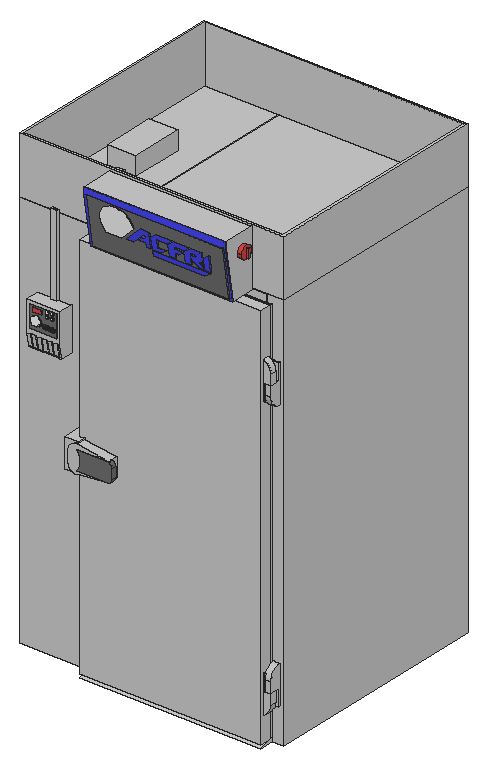
Revit family "QF_ACFRI_AR160-STD.190709093404", category Specialty Equipment, Revit 2016
Family settings
  Part Type = Normal
  Round Connector Dimension = Use Diameter
  OmniClass Number = 23.40.40.14
  OmniClass Title = Food Service Equipment
  Work Plane-Based = No
  Always vertical = Yes
  Cut with Voids When Loaded = No
  Shared = No
  Room Calculation Point = No
Parameters (values of type "AR160-STD_400V/3Ph/50Hz")
  URL catalogue = ""
  URL = "www.acfri.com"
  Type de Raccord Electrique [instance] = ""
  Type article [instance] = ""
  Tension = 400 V
  Status [instance] = ""
  Spécification technique = ""
  Spécification du Fabricant [instance] = ""
  Spécification de l'Utilisateur [instance] = ""
  SMACNA No spécifique pour les matériaux  Etats Unis = ""
  Quantité par lot [instance] = no
  Puissance électrique  = 10250 W
  Puissance en CV = ""
  Puissance Apparente = 10250 VA
  Protection de l'Appareil = 0 A
  Profondeur hors tout = 1145 mm
  Poids net à vide = 0.00 kg
  Phase = 3
  Numéro de Série = ""
  Nombres de Pôles = 3
  Nombre d'identification NAFEM = ""
  Model = "AR160-STD"
  Manufacturer = "ACFRI"
  Longueur hors tout = 1310 mm
  Intensité nominale courant electrique = 7 A
  Installé Par [instance] = ""
  Identifiant Equipement [instance] = no
  Hauteur hors tout = 2270 mm
  Hauteur de Raccordement du Sol Finis [instance] = 2032 mm
  Hauteur de Raccordement du Sol Brut [instance] = 0 mm
  Fréquence = 50 Hz
  Fournis Par [instance] = ""
  Description = "CELLULE STANDARD BASIC À CHARIOT REFROIDISSEMENT RAPIDE, GROUPE À AIR À DISTANCE"
  Câble de connexion à l'appareil inclus = no
  Cost = 0
  Consommation d'énergie minimale = 0 A
  Connexion prise électrique  = ""
  Code de Révision [instance] = ""
  Classification dans le projet = ""
  Classement sismique = ""
  Accessoires = no
Reference planes
  plane 1 "Centre (avant/arrière)": y = 0
  plane 2: z = 0
  plane 3 "Centre (gauche/droite)": x = 0
Forms (mm)
  Extrusion 1, solid, not visible
    sketch origin (177, -479, 2031) x (1, 0, 0) y (0, 1, 0)
      loop
        line (0, 0) -> (2, 0) -> (2, 2) -> (0, 2) -> (0, 0)
    from 0 to 2
Dimensions and locks
  aligned and locked: level to plane 2
Nested families
  nested 1: "QF_ACFRI_AR160-STD_400V_3Ph_50Hz" at (0, 0, 0), type "AR160-STD_400V/3Ph/50Hz"
    with Show Logo yes, Show Clearance yes
  nested 2: "QF_ACFRI_AR160-STD_DOOR_RX" at (0, 0, 0), type "AR160-STD_DOOR_RX"
    with Show Logo yes, Show Clearance yes
Connectors
  electrical at (178, -477, 2032), driven by "Puissance Apparente", driven by "Nombres de Pôles", driven by "Tension"
    settings: on Extrusion 1, index 1, voltage 400 V, apparent load 0 VA, apparent load phase1 10250 VA, apparent load phase2 0 VA, apparent load phase3 0 VA, power factor 1, load classification "Other", number of poles 3, system type 31, power factor state 1, is connector primary yes, connector utility no, sub classification motor no, connector description "Electric connection for 'AR160-STD'"
Definition of nested family "QF_ACFRI_AR160-STD_400V_3Ph_50Hz"
  Parameters (values of type "AR160-STD_400V/3Ph/50Hz")
    URL = "www.acfri.com"
    Show Logo [instance] = yes
    Show Clearance [instance] = yes
    Model = "AR160-STD"
    Manufacturer = "ACFRI"
    Description = "ROLL-IN, STANDARD BASIC BLAST CHILLING, BASIC REMOTE AIR COOLED CONDENSING UNIT"
    Assembly Code = "E1090320"
  Reference planes
    plane 1 "Back": y = 0
    plane 2: z = 0
    plane 3 "Left": x = 0
    plane 4 "Right": x = 1310
    plane 5 "Front": y = -1145
    plane 6 "Top": z = 2270
  Forms (mm)
    Extrusion 1, solid
      sketch origin (0, 0, -150) x (0, 1, 0) y (0, 0, 1)
        loop
          line (0, 2137.146) -> (-1145, 2137.146) -> (-1145, 150) -> (0, 150) -> (0, 2137.146)
      from 0 to 378.525
    Extrusion 2, solid
      sketch origin (435.596, -444.562, 360.649) x (0, 1, 0) y (0, 0, 1)
        loop
          line (-860.438, 1899.473) -> (-860.438, 1866.552) -> (-820.062, 1616.095) -> (-700.438, 1616.095) -> (-700.438, 1899.473) -> (-860.438, 1899.473)
      from 12.404 to 717.404
    Extrusion 3, solid
      sketch origin (0, -444.562, -150) x (1, 0, 0) y (0, 0, 1)
        loop
          line (353.044, 2098.234) -> (353.044, 167.649) -> (1253.452, 167.649) -> (1253.452, 2098.234) -> (353.044, 2098.234)
        loop
          line (378.525, 2072.928) -> (378.525, 187.955) -> (1227.971, 187.955) -> (1227.971, 2072.928) -> (378.525, 2072.928)
      from 700.438 to 711.223
    Extrusion 4, solid
      sketch origin (1248.08, 0, -150) x (0, 1, 0) y (0, 0, 1)
        loop
          line (0, 2137.146) -> (-1145, 2137.146) -> (-1145, 150) -> (0, 150) -> (0, 2137.146)
      from -20.109 to 61.92
    Extrusion 5, solid
      sketch origin (0, 0, -150) x (0, 1, 0) y (0, 0, 1)
        loop
          line (-1145, 2137.146) -> (-1145, 2072.928) -> (-68.458, 2072.928) -> (-68.458, 167) -> (-1145, 167) -> (-1145, 150) -> (0, 150) -> (0, 2137.146) -> (-1145, 2137.146)
      from 378.525 to 1227.971
    Extrusion 6, solid
      sketch origin (435.596, -444.562, 360.649) x (0, 1, 0) y (0, 0, 1)
        loop
          circle (-764.498, 1820.753) r 30.24
      from 717.404 to 742.404
    Extrusion 7, solid
      sketch origin (435.596, -444.562, 360.649) x (0, 1, 0) y (0, 0, 1)
        loop
          line (-759.416, 1843.51) -> (-767.3, 1843.902) -> (-769.581, 1797.996) -> (-761.696, 1797.604) -> (-759.416, 1843.51)
      from 742.404 to 757.404
    Extrusion 8, solid
      sketch origin (435.596, -444.562, 360.649) x (0, 1, 0) y (0, 0, 1)
        loop
          line (-860.438, 1866.552) -> (-862.464, 1866.552) -> (-823.174, 1622.834) -> (-821.149, 1622.834) -> (-860.438, 1866.552)
      from 26.504 to 703.304
    Extrusion 9, solid
      sketch origin (435.596, -444.562, 360.649) x (0, 1, 0) y (0, 0, 1)
        loop
          line (-859.438, 1899.473) -> (-861.438, 1899.473) -> (-861.438, 1866.392) -> (-821.088, 1616.095) -> (-819.062, 1616.095) -> (-859.438, 1866.552) -> (-859.438, 1899.473)
      from 12.404 to 717.404
    Extrusion 10, solid, visible <- "Show Logo"
      sketch origin (488.105, -1224.491, 1721.514) x (1, 0, 0) y (0, -0.159156, 0.987253)
        loop
          line (129.695, 367.647) -> (196.524, 434.476)
          arc (196.524, 434.476) -> (78.635, 500.079) -> (52.881, 367.647) r 83.333
          line (52.881, 367.647) -> (129.695, 367.647)
      from 0 to 2.5
    Extrusion 11, solid, visible <- "Show Logo"
      sketch origin (323.066, -1224.491, 1721.514) x (1, 0, 0) y (0, -0.159156, 0.987253)
        loop
          line (318.631, 367.647) -> (353.299, 367.647) -> (418.664, 433.012) -> (418.664, 406.346) -> (398.768, 406.346) -> (383.537, 391.115) -> (418.664, 391.115) -> (418.664, 367.647) -> (441.167, 367.647) -> (441.167, 447.647) -> (398.631, 447.647) -> (318.631, 367.647)
        loop
          line (448.944, 367.647) -> (493.774, 367.647) -> (521.549, 389.347) -> (479.182, 389.347) -> (479.182, 425.709) -> (524.998, 425.709) -> (553.077, 447.647) -> (475.047, 447.647) -> (448.944, 427.254) -> (448.944, 367.647)
        loop
          line (532.515, 367.647) -> (565.319, 367.647) -> (565.319, 394.314) -> (583.754, 394.314) -> (607.252, 414.031) -> (565.319, 414.031) -> (565.319, 425.49) -> (611.115, 425.49) -> (639.475, 447.647) -> (562.906, 447.647) -> (532.515, 422.146) -> (532.515, 367.647)
        loop
          line (611.712, 367.647) -> (644.318, 367.647) -> (644.318, 395.695) -> (682.923, 367.647) -> (702.113, 367.647) -> (702.113, 386.053) -> (689.341, 396.77) -> (702.113, 406.748) -> (702.113, 447.647) -> (647.314, 447.647) -> (611.712, 417.774) -> (611.712, 367.647)
        loop
          line (644.318, 425.49) -> (644.318, 414.031) -> (672.553, 414.031) -> (672.553, 425.49) -> (644.318, 425.49)
        loop
          line (708.789, 367.647) -> (739.436, 367.647) -> (739.436, 447.647) -> (708.789, 423.703) -> (708.789, 367.647)
        loop
          line (448.944, 360.305) -> (448.944, 337.873) -> (706.045, 337.873) -> (739.301, 360.305) -> (448.944, 360.305)
      from 0 to 2.5
    Extrusion 12, solid
      sketch origin (0, 0, 363.091) x (1, 0, 0) y (0, 1, 0)
        loop
          line (0, 0) -> (0, -1145) -> (1310, -1145) -> (1310, 0) -> (0, 0)
        loop
          line (10, -10) -> (10, -1135) -> (1300, -1135) -> (1300, -10) -> (10, -10)
      from 1624.055 to 1906.909
    Extrusion 13, solid
      sketch origin (0, -160, 0) x (0, 1, 0) y (0, 0, 1)
        loop
          line (-985, 0) -> (-985, 17) -> (-1055, 0) -> (-985, 0)
      from 353.044 to 1253.452
    Extrusion 14, solid
      sketch origin (0, 0, 0) x (1, 0, 0) y (0, 1, 0)
        loop
          line (365.002, 35) -> (365.002, 0) -> (435.123, 0) -> (435.123, 35) -> (365.002, 35)
        loop
          line (1192.879, 35) -> (1192.879, 0) -> (1263, 0) -> (1263, 35) -> (1192.879, 35)
      from 0 to 2070
    Extrusion 15, solid
      sketch origin (0, -35, 0) x (1, 0, 0) y (0, 0, 1)
        loop
          line (163.379, 1997.56) -> (163.379, 1594.193) -> (193.078, 1594.193) -> (193.078, 1997.56) -> (163.379, 1997.56)
      from 1110 to 1120.414
    Extrusion 16, solid
      sketch origin (0, -35, 0) x (0, 1, 0) y (0, 0, 1)
        loop
          line (-1110, 1594.193) -> (-1180, 1594.193) -> (-1180, 1444.978) -> (-1169, 1383.958) -> (-1169, 1378.958) -> (-1110, 1378.958) -> (-1110, 1594.193)
      from 91.465 to 255.957
    Extrusion 17, void
      sketch origin (0, 0, 0) x (1, 0, 0) y (0, 0, 1)
        loop
          line (110.072, 1444.978) -> (110.072, 1378.958) -> (115.036, 1378.958) -> (115.036, 1444.978) -> (110.072, 1444.978)
        loop
          line (136.342, 1444.978) -> (136.342, 1378.958) -> (141.306, 1378.958) -> (141.306, 1444.978) -> (136.342, 1444.978)
        loop
          line (162.612, 1444.978) -> (162.612, 1378.958) -> (167.575, 1378.958) -> (167.575, 1444.978) -> (162.612, 1444.978)
        loop
          line (188.881, 1444.978) -> (188.881, 1378.958) -> (193.845, 1378.958) -> (193.845, 1444.978) -> (188.881, 1444.978)
        loop
          line (215.151, 1444.978) -> (215.151, 1378.958) -> (220.115, 1378.958) -> (220.115, 1444.978) -> (215.151, 1444.978)
        loop
          line (241.421, 1444.978) -> (241.421, 1378.958) -> (246.384, 1378.958) -> (246.384, 1444.978) -> (241.421, 1444.978)
      from 1200.255 to 1243.146
    Extrusion 18, solid
      sketch origin (0, -2739.193, 877.146) x (1, 0, 0) y (0, 1, 0)
        loop
          line (163.379, 2001.744) -> (163.379, 1594.193) -> (193.078, 1594.193) -> (193.078, 2001.744) -> (163.379, 2001.744)
      from 1110 to 1120.414
    Extrusion 19, solid
      sketch origin (0, 0, 0) x (1, 0, 0) y (0, 1, 0)
        loop
          line (108.228, -737.449) -> (248.228, -737.449) -> (248.228, -477.449) -> (108.228, -477.449) -> (108.228, -737.449)
      from 1987.146 to 2077.146
    Extrusion 20, solid
      sketch origin (0, -472.449, 0) x (1, 0, 0) y (0, 0, 1)
        loop
          circle (178.228, 2032.146) r 5
      from 0 to 5
    Extrusion 21, solid
      sketch origin (12.756, -1215, 1122.716) x (1, 0, 0) y (0, 0, 1)
        loop
          line (93.554, 456.477) -> (93.554, 347.31) -> (228.354, 347.31) -> (228.354, 456.477) -> (93.554, 456.477)
      from 0 to 2
    Extrusion 22, solid
      sketch origin (12.756, -1215, 1122.716) x (1, 0, 0) y (0, 0, 1)
        loop
          line (108.554, 446.477) -> (108.554, 426.477) -> (153.209, 426.477) -> (153.209, 446.477) -> (108.554, 446.477)
      from 0 to 2.5
    Extrusion 23, solid
      sketch origin (12.756, -1215, 1122.716) x (1, 0, 0) y (0, 0, 1)
        loop
          circle (180.595, 446.477) r 7.041
        loop
          circle (205.595, 446.477) r 6.977
        loop
          circle (180.595, 426.477) r 6.969
        loop
          circle (205.595, 426.477) r 6.966
      from 0 to 2.5
    Extrusion 24, solid, visible <- "Show Logo"
      sketch origin (12.756, -1215, 1122.716) x (1, 0, 0) y (0, 0, 1)
        loop
          arc (151.176, 389.128) -> (113.283, 410.215) -> (105.005, 367.647) r 26.786
          line (105.005, 367.647) -> (129.695, 367.647) -> (151.176, 389.128)
      from 0 to 2.5
    Extrusion 25, solid, visible <- "Show Logo"
      sketch origin (12.756, -1215, 1122.716) x (1, 0, 0) y (0, 0, 1)
        loop
          line (137.376, 372.576) -> (143.877, 372.576) -> (156.132, 384.832) -> (156.132, 379.832) -> (152.402, 379.832) -> (149.546, 376.976) -> (156.132, 376.976) -> (156.132, 372.576) -> (160.352, 372.576) -> (160.352, 387.576) -> (152.376, 387.576) -> (137.376, 372.576)
        loop
          line (161.81, 372.576) -> (170.216, 372.576) -> (175.423, 376.645) -> (167.48, 376.645) -> (167.48, 383.463) -> (176.07, 383.463) -> (181.335, 387.576) -> (166.704, 387.576) -> (161.81, 383.752) -> (161.81, 372.576)
        loop
          line (177.48, 372.576) -> (183.63, 372.576) -> (183.63, 377.576) -> (187.087, 377.576) -> (191.493, 381.273) -> (183.63, 381.273) -> (183.63, 383.421) -> (192.217, 383.421) -> (197.534, 387.576) -> (183.178, 387.576) -> (177.48, 382.794) -> (177.48, 372.576)
        loop
          line (192.329, 372.576) -> (198.443, 372.576) -> (198.443, 377.835) -> (205.681, 372.576) -> (209.279, 372.576) -> (209.279, 376.027) -> (206.884, 378.036) -> (209.279, 379.907) -> (209.279, 387.576) -> (199.004, 387.576) -> (192.329, 381.975) -> (192.329, 372.576)
        loop
          line (198.443, 383.421) -> (198.443, 381.273) -> (203.737, 381.273) -> (203.737, 383.421) -> (198.443, 383.421)
        loop
          line (210.531, 372.576) -> (216.277, 372.576) -> (216.277, 387.576) -> (210.531, 383.086) -> (210.531, 372.576)
        loop
          line (161.81, 371.199) -> (161.81, 366.993) -> (210.016, 366.993) -> (216.252, 371.199) -> (161.81, 371.199)
      from 0 to 2.5
  Cuts and joins
    Extrusion 17 cuts Extrusion 16
  Lines and regions (mm)
    symbolic lines
      curve 1: line (0, 0, 0) -> (1310, 0, 0)
      curve 2: line (0, -1145, 0) -> (0, 0, 0)
      curve 3: line (1310, -1145, 0) -> (0, -1145, 0)
      curve 4: line (1310, 0, 0) -> (1310, -1145, 0)
      curve 5: line (448, -1145, 0) -> (448, -1305, 0)
      curve 6: line (448, -1305, 0) -> (1153, -1305, 0)
      curve 7: line (1153, -1305, 0) -> (1153, -1145, 0)
      curve 8: line (1178, -1178.82, 0) -> (1153, -1178.82, 0)
      curve 9: line (1178, -1178.82, 0) -> (1178, -1239.3, 0)
      curve 10: line (1178, -1239.3, 0) -> (1153, -1239.3, 0)
      curve 11: line (1193, -1214.142, 0) -> (1193, -1203.977, 0)
      curve 12: line (1193, -1203.977, 0) -> (1178, -1203.977, 0)
      curve 13: line (1193, -1214.142, 0) -> (1178, -1214.142, 0)
      curve 14: line (10, -10, 0) -> (1300, -10, 0)
      curve 15: line (10, -1135, 0) -> (10, -10, 0)
      curve 16: line (1300, -1135, 0) -> (10, -1135, 0)
      curve 17: line (1300, -10, 0) -> (1300, -1135, 0)
      curve 18: line (353.044, -1145, 0) -> (353.044, -1215, 0)
      curve 19: line (1265.561, -1145, 0) -> (1265.561, -1215, 0)
      curve 20: line (353.044, -1215, 0) -> (448, -1215, 0)
      curve 21: line (1265.561, -1215, 0) -> (1178, -1215, 0)
      curve 22: line (365.002, 35, 0) -> (435.123, 35, 0)
      curve 23: line (435.123, 35, 0) -> (435.123, 0, 0)
      curve 24: line (365.002, 35, 0) -> (365.002, 0, 0)
      curve 25: line (1192.879, 35, 0) -> (1263, 35, 0)
      curve 26: line (1263, 35, 0) -> (1263, 0, 0)
      curve 27: line (1192.879, 35, 0) -> (1192.879, 0, 0)
      curve 28: line (91.465, -1215, 0) -> (91.465, -1145, 0)
      curve 29: line (255.957, -1215, 0) -> (255.957, -1145, 0)
      curve 30: line (108.228, -477.449, 0) -> (248.228, -477.449, 0)
      curve 31: line (108.228, -737.449, 0) -> (108.228, -477.449, 0)
      curve 32: line (248.228, -737.449, 0) -> (108.228, -737.449, 0)
      curve 33: line (248.228, -477.449, 0) -> (248.228, -737.449, 0)
      curve 34: line (163.379, -737.449, 0) -> (163.379, -1135, 0)
      curve 35: line (193.078, -1135, 0) -> (193.078, -737.449, 0)
      curve 36: line (91.465, -1215, 0) -> (255.957, -1215, 0)
  Dimensions and locks
    plane 3 "Left" to plane 4 "Right" = 1310 mm
    plane 5 "Front" to plane 1 "Back" = 1145 mm
    plane 6 "Top" to level = 2270 mm
    aligned and locked: level to plane 2
  Connectors
    electrical at (178.228, -472.449, 2032.146)
      settings: on Extrusion 20, index 2, voltage 0 V, apparent load 0 VA, apparent load phase1 0 VA, apparent load phase2 0 VA, apparent load phase3 0 VA, power factor 1, load classification none, number of poles 1, system type 31, power factor state 1, is connector primary yes, connector utility no, sub classification motor no, connector description "Electrical connection"
Definition of nested family "QF_ACFRI_AR160-STD_DOOR_RX"
  Parameters (values of type "AR160-STD_DOOR_RX")
    URL catalogue [instance] = ""
    URL = "www.acfri.com"
    Status [instance] = ""
    Spécification technique [instance] = ""
    Spécification du Fabricant [instance] = ""
    Spécification de l'Utilisateur [instance] = ""
    Show Logo [instance] = yes
    Show Clearance [instance] = yes
    SMACNA No spécifique pour les matériaux  Etats Unis [instance] = ""
    Quantité par lot [instance] = no
    Profondeur hors tout [instance] = 60 mm
    Poids net à vide [instance] = 0.00 kg
    Numéro de Série [instance] = ""
    Nombre d'identification NAFEM [instance] = ""
    Model = "AR160-STD_DOOR_RX"
    Manufacturer = "ACFRI"
    Longueur hors tout [instance] = 900 mm
    Installé Par [instance] = ""
    Identifiant Equipement [instance] = no
    Hauteur hors tout [instance] = 1930 mm
    Fournis Par [instance] = ""
    Description = "PORTE AVEC OUVERTURE DROITE"
    Cost = 0
    Code de Révision [instance] = ""
    Classification dans le projet [instance] = ""
    Classement sismique [instance] = ""
    Assembly Code = "E1090320"
    Accessoires [instance] = yes
  Reference planes
    plane 1 "Back": y = 0
    plane 2: z = 0
    plane 3 "Left": x = 0
    plane 4 "Right": x = 1310
    plane 5 "Front": y = -1145
    plane 6 "Top": z = 2270
  Forms (mm)
    Extrusion 1, solid
      sketch origin (0, -444.562, -150) x (1, 0, 0) y (0, 0, 1)
        loop
          line (353.044, 2098.234) -> (353.044, 167.649) -> (1253.452, 167.649) -> (1253.452, 2098.234) -> (353.044, 2098.234)
        loop
          line (378.525, 2072.928) -> (378.525, 187.955) -> (1227.971, 187.955) -> (1227.971, 2072.928) -> (378.525, 2072.928)
      from 700.438 to 711.223
    Extrusion 2, solid
      sketch origin (277.892, -160, 0) x (1, 0, 0) y (0, 0, 1)
        loop
          line (75.152, 1948.234) -> (75.152, 17.649) -> (975.561, 17.649) -> (975.561, 1948.234) -> (75.152, 1948.234)
      from 995.785 to 1055
    Extrusion 3, solid
      sketch origin (425.137, -160, 0) x (1, 0, 0) y (0, 0, 1)
        loop
          line (113.468, 1049.125) -> (-48.815, 1069.051)
          arc (-48.815, 1069.051) -> (-79.244, 1056.446) -> (-91.848, 1026.017) r 43.033
          line (-91.848, 1026.017) -> (-91.848, 978.102)
          arc (-91.848, 978.102) -> (-79.244, 947.673) -> (-48.815, 935.069) r 43.033
          line (-48.815, 935.069) -> (113.468, 954.995) -> (113.468, 1049.125)
      from 1055.785 to 1105.372
    Extrusion 4, solid
      sketch origin (425.137, -1271.785, 0) x (1, 0, 0) y (0, 0, 1)
        loop
          arc (134.453, 1025.73) -> (127.816, 1041.753) -> (111.793, 1048.39) r 22.66
          line (111.793, 1048.39) -> (-40.547, 1048.39)
          arc (-40.547, 1048.39) -> (-24.991, 1002.06) -> (-40.547, 955.73) r 76.77
          line (-40.547, 955.73) -> (111.793, 955.73)
          arc (111.793, 955.73) -> (127.816, 962.367) -> (134.453, 978.39) r 22.66
          line (134.453, 978.39) -> (134.453, 1025.73)
      from -19.846 to 0.154
    Extrusion 5, solid
      sketch origin (506.59, 30, 0) x (0, 1, 0) y (0, 0, 1)
        loop
          line (-1175, 1703.284) -> (-1185, 1703.284) -> (-1185, 1623.308) -> (-1233.008, 1623.308) -> (-1233.008, 1571.46)
          arc (-1233.008, 1571.46) -> (-1216.018, 1530.442) -> (-1175, 1513.452) r 58.008
          line (-1175, 1513.452) -> (-1175, 1703.284)
      from 756.862 to 786.362
    Extrusion 6, solid
      sketch origin (78.452, -1959.87, 3246.615) x (-1, 0, 0) y (0, 0, 1)
        loop
          line (-1175, -1703.284) -> (-1175, -1516.484)
          arc (-1175, -1516.484) -> (-1203.601, -1537.613) -> (-1214.5, -1571.46) r 58.008
          line (-1214.5, -1571.46) -> (-1214.5, -1623.308) -> (-1185, -1623.308) -> (-1185, -1703.284) -> (-1175, -1703.284)
      from 756.862 to 786.362
    Extrusion 7, solid
      sketch origin (506.59, 30, 1875.101) x (0, 1, 0) y (0, 0, 1)
        loop
          line (-1175, -1703.284) -> (-1175, -1513.452)
          arc (-1175, -1513.452) -> (-1216.018, -1530.442) -> (-1233.008, -1571.46) r 58.008
          line (-1233.008, -1571.46) -> (-1233.008, -1623.308) -> (-1185, -1623.308) -> (-1185, -1703.284) -> (-1175, -1703.284)
      from 756.862 to 786.362
    Extrusion 8, solid
      sketch origin (78.452, -1959.87, -1371.514) x (-1, 0, 0) y (0, 0, 1)
        loop
          line (-1175, 1703.284) -> (-1185, 1703.284) -> (-1185, 1623.308) -> (-1214.5, 1623.308) -> (-1214.5, 1571.46)
          arc (-1214.5, 1571.46) -> (-1203.601, 1537.613) -> (-1175, 1516.484) r 58.008
          line (-1175, 1516.484) -> (-1175, 1703.284)
      from 756.862 to 786.362
    Extrusion 9, solid
      sketch origin (308.605, -160, 0) x (1, 0, 0) y (0, 0, 1)
        loop
          line (67.717, 1069.051) -> (67.717, 1074.051) -> (0, 1074.051) -> (0, 930.069) -> (67.717, 930.069) -> (67.717, 935.069)
          arc (67.717, 935.069) -> (37.288, 947.673) -> (24.684, 978.102) r 43.033
          line (24.684, 978.102) -> (24.684, 1026.017)
          arc (24.684, 1026.017) -> (37.288, 1056.446) -> (67.717, 1069.051) r 43.033
      from 985 to 1091.939
    Extrusion 10, solid, visible <- "Show Clearance", detail levels coarse
      sketch origin (277.892, -160, 0) x (1, 0, 0) y (0, 1, 0)
        loop
          line (975.561, -1055) -> (54.019, -1055)
          arc (54.019, -1055) -> (303.054, -1685.058) -> (915.561, -1974.586) r 921.542
          line (915.561, -1974.586) -> (975.561, -1974.586) -> (975.561, -1055)
      from 17.649 to 1948.234
  Lines and regions (mm)
    symbolic lines, visible <- "Show Clearance"
      curve 1: line (1253.452, -2134.586, 0) -> (1253.452, -1215, 0)
      curve 2: line (1193.452, -2134.586, 0) -> (1253.452, -2134.586, 0)
      curve 3: line (1193.452, -2134.586, 0) -> (1193.452, -1215, 0)
      curve 4: arc (331.911, -1215, 0) -> (580.945, -1845.058, 0) -> (1193.452, -2134.586, 0) r 921.542
  Dimensions and locks
    plane 3 "Left" to plane 4 "Right" = 1310 mm
    plane 5 "Front" to plane 1 "Back" = 1145 mm
    plane 6 "Top" to level = 2270 mm
    aligned and locked: level to plane 2
